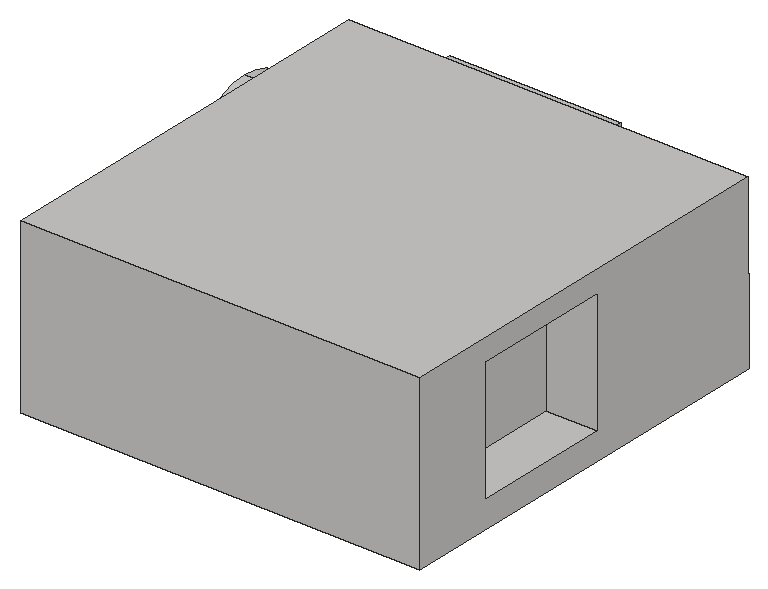
Revit family
Parameters
  Width = 4' - 0 1/8"
  Voltage = 277 V
  Unit Weight = "220.0 lbs"
  UltraLoc Liner = Choose Liner Option = 3  # no
  URL = "http://www.titus-hvac.com/"
  UL = "181"
  Supply Air Flow [instance] = 0 CFM
  SteriLoc Liner = Choose Liner Option = 2  # no
  Primary Air Pressure Drop [instance] = 0.00 in-wg
  Primary Air Flow [instance] = 0 CFM
  Plenum Air Pressure Drop [instance] = 0.00 in-wg
  Plenum Air Flow [instance] = 0 CFM
  Outlet Width = 1' - 4 1/2"
  Outlet Vertical Offset = 0' - 1 1/8"
  Outlet Horizontal Offset = 0' - 1 3/8"
  Outlet Height = 1' - 2 1/2"
  Number of Poles = 1
  Nominal Width = Width + 0' 6 1/4"  # 4' - 6 3/8"
  Nominal Length = Length + 0' 3 3/8"  # 4' - 2 1/4"
  Nominal Inlet Size = 1' - 4"
  Nominal Height = 1' - 8 1/8"
  NFPA = "90A"
  Motor Full Load Amps = 3.3 A
  Model = "DTQS"
  Min. Air Flow = 0 CFM
  Max. Air Flow = 0 CFM
  Material = Galvanized Steel
  Manufacturer = "Titus"
  Length = 3' - 10 7/8"
  Juction Box Offset = 0' - 6 7/8"
  Inlet Diameter = Nominal Inlet Size - 0' 0 1/8"  # 1' - 3 7/8"
  Induced offset = 0' - 1 1/4"
  Induced Air Inlet Offset = 0' - 4 1/2"
  Induced Air Inlet Width = 1' - 9"
  Induced Air Inlet Height = 1' - 5 1/2"
  Induced Air Filter = no
  Heating Total Capacity [instance] = 0 Btu/h
  Half Outlet Connection Width = Outlet Width / 2  # 0' - 8 1/4"
  Half Outlet Connection Height = Outlet Height / 2  # 0' - 7 1/4"
  Half Height Start = -(Nominal Height / 2)  # -0' - 10 1/16"
  Half Height End = Nominal Height / 2  # 0' - 10 1/16"
  HP-Motor = "1/3"
  Frequency = 60 Hz
  Filter Size = "27\"x20\""
  Fiber Free Liner = Choose Liner Option = 1  # no
  Fan Disconnect Switch = no
  Duct Radius = Nominal Inlet Size / 2  # 0' - 8"
  Description = "Series Fan Powered Terminal Unit, Direct Digital Control, Pressure Independent"
  Connection Void Radius = Connection Radius - 0' 0 1/4"  # 0' - 7 11/16"
  Connection Radius = Inlet Diameter / 2  # 0' - 7 15/16"
  Choose Liner Option = 0
  CADworks URL = "www.CADworks.net"
  Assembly Code = "D3040100"
  Apparent Power = Voltage * Motor Full Load Amps  # 914.1 VA
  Air Inlet Offset = 0' - 11"
  1/2" Fiberglass Liner = Choose Liner Option = 0  # yes
Reference planes (in)
  plane 1 "Center (Front/Back)": y = 0
  plane 2: z = 0
  plane 3 "Center (Left/Right)": x = 3
  plane 4: x = -20.4375
  plane 5: x = 26.4375
  plane 6: x = -13.5625
  plane 7: x = -23.8125
  plane 8 "Center (Elevation)": z = 0
  plane 9: y = -24.0625
  plane 10: y = 24.0625
  plane 11: y = 13.0625
  plane 12: y = -19.5625
  plane 13: x = 20.4375
  plane 14: y = 30.3125
  plane 15: z = 10.0625
  plane 16: z = -10.0625
Forms (in)
  Extrusion 1, solid, material "Galvanized Steel" <- "Material"
    sketch origin (0, 0, 52) x (1, 0, 0) y (0, 1, 0)
      loop
        line (-20.4375, 24.0625) -> (-20.4375, -24.0625) -> (26.4375, -24.0625) -> (26.4375, 24.0625) -> (-20.4375, 24.0625)
    from -62.0625 <- "Half Height Start" to -41.9375 <- "Half Height End"
  Extrusion 2, solid, material "Galvanized Steel" <- "Material"
    sketch origin (5.0625, 0, -6) x (1, 0, 0) y (0, 1, 0)
      loop
        line (-18.625, 24.0625) -> (1.375, 24.0625) -> (1.375, 30.3125) -> (-18.625, 30.3125) -> (-18.625, 24.0625)
    from 0 to 12
  Extrusion 3, void
    sketch origin (26.4375, 24.0625, 53.125) x (0, 1, 0) y (0, 0, -1)
      loop
        line (-22.125, 45.5625) -> (-22.125, 60.0625) -> (-38.625, 60.0625) -> (-38.625, 45.5625) -> (-22.125, 45.5625)
    from 0 to 6
  Extrusion 4, solid, material "Galvanized Steel" <- "Material"
    sketch origin (-24.875, 0.5625, 0) x (0, 0, -1) y (0, 1, 0)
      loop
        circle (0, 12.5) r 7.9375
    from 1.0625 to 4.4375
  Extrusion 5, void
    sketch origin (-24.875, 0, 0) x (0, 1, 0) y (0, 0, 1)
      loop
        circle (13.0625, 0) r 7.6875
    from 1.0625 to 11.3125
  Extrusion 6, void
    sketch origin (-20.4375, -24.0625, 52) x (0, -1, 0) y (0, 0, -1)
      loop
        line (-25.5, 43.3125) -> (-4.5, 43.3125) -> (-4.5, 60.8125) -> (-25.5, 60.8125) -> (-25.5, 43.3125)
    from 0 to 6.875
Cuts and joins
  Extrusion 3, Extrusion 5, Extrusion 6 cuts Extrusion 1
  Extrusion 5 cuts Extrusion 4
Dimensions and locks (in)
  "Length": plane 5 to plane 4
  equal spacing: plane 5, plane 3 "Center (Left/Right)", plane 4
  locked: Extrusion 2 to plane 6 at 0
  locked: Extrusion 2 to Extrusion 2 at 20
  "Juction Box Offset": plane 6 to plane 4
  "Outlet Height": Extrusion 3 sketch curve to Extrusion 3 sketch curve
  "Outlet Width": Extrusion 3 sketch curve to Extrusion 3 sketch curve
  locked: plane 4 to plane 7 at 3.375
  "Width": plane 9 to plane 10
  equal spacing: plane 9, plane 1 "Center (Front/Back)", plane 10
  locked: Extrusion 4 sketch curve to level at 0
  locked: Extrusion 4 sketch curve to plane 11 at 0
  locked: Extrusion 5 sketch curve to level at 0
  locked: Extrusion 5 sketch curve to plane 11 at 0
  locked: Extrusion 2 to Extrusion 2 at 6.25
  "Air Inlet Offset": plane 10 to plane 11
  locked: Extrusion 2 to plane 10 at 0
  locked: cut or joined group of Extrusion 4, Extrusion 5 to plane 7 at 0
  locked: cut or joined group of Extrusion 4, Extrusion 5 to cut or joined group of Extrusion 4, Extrusion 5 at 3.375
  "Induced Air Inlet Offset": plane 9 to plane 12
  "Induced Air Inlet Width": Extrusion 6 sketch curve to Extrusion 6 sketch curve
  "Induced Air Inlet Height": Extrusion 6 sketch curve to Extrusion 6 sketch curve
  "Induced Air Inlet Offset": Extrusion 6 sketch curve to plane 9
  locked: plane 9 to Extrusion 3 sketch curve at 9.5
  cut or joined group of Extrusion 1, Extrusion 3, Extrusion 5, Extrusion 6 to Extrusion 3 sketch curve = 0' - 3 1/8"
  locked: Extrusion 2 to Extrusion 2 at 12
  equal spacing: Extrusion 2, level, Extrusion 2
  locked: cut or joined group of Extrusion 1, Extrusion 3, Extrusion 5, Extrusion 6 to cut or joined group of Extrusion 1, Extrusion 3, Extrusion 5, Extrusion 6 at 20.125
  equal spacing: cut or joined group of Extrusion 1, Extrusion 3, Extrusion 5, Extrusion 6, level, cut or joined group of Extrusion 1, Extrusion 3, Extrusion 5, Extrusion 6
  "Induced offset": Extrusion 6 sketch curve to cut or joined group of Extrusion 1, Extrusion 3, Extrusion 5, Extrusion 6
  "Connection Radius": radius of Extrusion 4 sketch curve
  "Connection Void Radius": radius of Extrusion 5 sketch curve
  aligned and locked: plane 6 to Extrusion 6
  aligned and locked: Extrusion 3 to plane 13
  aligned and locked: plane 5 to cut or joined group of Extrusion 1, Extrusion 3, Extrusion 5, Extrusion 6
  aligned and locked: cut or joined group of Extrusion 1, Extrusion 3, Extrusion 5, Extrusion 6 to plane 4
  aligned and locked: cut or joined group of Extrusion 1, Extrusion 3, Extrusion 5, Extrusion 6 to plane 10
  aligned and locked: plane 9 to cut or joined group of Extrusion 1, Extrusion 3, Extrusion 5, Extrusion 6
  aligned and locked: Extrusion 1 to Extrusion 6
  aligned and locked: Extrusion 5 to plane 7
  aligned and locked: plane 6 to Extrusion 5
Automatic sketch dimensions
  Extrusion 1 sketch curve to plane 4 = 0' - 0"
  plane 5 to Extrusion 1 sketch curve = 0' - 0"
  Extrusion 1 sketch curve to plane 9 = 0' - 0"
  Extrusion 1 sketch curve to plane 10 = 0' - 0"
  Extrusion 2 sketch curve to plane 6 = 0' - 0"
  Extrusion 2 sketch curve to plane 10 = 0' - 0"
  plane 3 "Center (Left/Right)" to Extrusion 2 sketch curve = 0' - 3 7/16"
  Extrusion 2 sketch curve to plane 10 = 0' - 6 1/4"
Connectors (in)
  electrical at (-3.5625, 30.3125, 0), driven by "Apparent Power", driven by "Voltage", driven by "Number of Poles"
    settings: on Extrusion 2, index 8
  hvac at (-23.8125, 13.0625, 0), driven by "Primary Air Flow", driven by "Duct Radius", driven by "Primary Air Pressure Drop"
    settings: on cut or joined group of Extrusion 4, Extrusion 5, index 9
  hvac at (-20.4375, -9.0625, -0.0625), driven by "Induced Air Inlet Height", driven by "Induced Air Inlet Width", driven by "Plenum Air Pressure Drop", driven by "Plenum Air Flow"
    settings: on cut or joined group of Extrusion 1, Extrusion 3, Extrusion 5, Extrusion 6, index 12
  hvac at (26.4375, -6.3125, 0.3125), driven by "Supply Air Flow", driven by "Outlet Width", driven by "Outlet Height"
    settings: on cut or joined group of Extrusion 1, Extrusion 3, Extrusion 5, Extrusion 6, index 13
